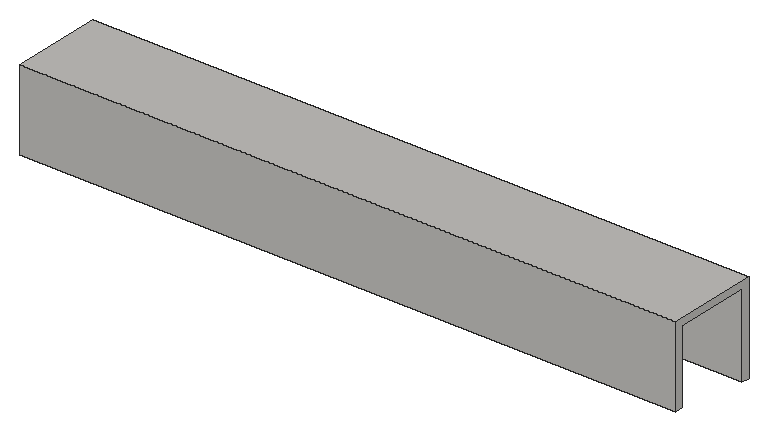
Revit family "Curb_Overlay_NobleCompany", category Specialty Equipment, host Face, Revit 2014
Parameters (values of type "1 Sided")
  Width [instance] = 32 1/2"
  URL = "www.noblecompany.com"
  Type Comments = ""
  Tile [instance] = Stainless Steel - Brushed
  Radius = 15 1/2"
  Product Properties = "http://www.noblecompany.com/Portals/0/PRODUCT%20INFO/Product%20Descriptions/FreeStyle%20Linear%20Drain%20Product%20Decription%200410.pdf"
  Product Data = "http://www.noblecompany.com/Products/ShowerProducts/tabid/59/Default.aspx"
  Model = "Preformed Overlay Curb"
  Manufacturer Phone - Toll Free = "800-878-5788"
  Manufacturer Phone = "231-799-8000"
  Manufacturer Fax = "231-799-8850"
  Manufacturer Email = "mailto:sales@noblecompany.com"
  Manufacturer Address = "7300 Enterprise Drive, Spring Lake, MI  49456 USA"
  Manufacturer = "Noble Company"
  Floor Offset_Outside [instance] = 1"
  Floor Offset_Inside [instance] = 1/2"
  Det2 = no
  Depth [instance] = 32 1/2"
  Installation-Fabrication = "http://www.noblecompany.com/Portals/0/PRODUCT%20INFO/Product%20Descriptions/FreeStyle%20Linear%20Drain%20Product%20Decription%200410.pdf"
  Height = 20"
  Description = "Noble Preformed Overlay Curb"
  Building Codes = "http://www.noblecompany.com/Portals/0/TECHNICAL%20INFO/Listing_Testing_Certification_Reports/PMG-1065%20Noble%20Company%20Linear%20Drain%20final%202.pdf"
  Base = Polymer coated Expanded Polystyrene
  Assembly Code = "D2030300"
  Default Elevation = 0"
  3 Sides = no
  2 Sides = no
  1 Side = yes
Types (3): name | Type Comments | Floor Offset_Outside | Floor Offset_Inside | Det2 | 3 Sides | 2 Sides | 1 Side
  1 Sided | "" | 1" | 1/2" | no | no | no | yes
  2 Sided | "" | 1/4" | 1/4" | yes | no | yes | no
  3 Sided | "Modify Sweep for Neo Angles and Custom Applications" | 1/2" | 1/4" | yes | yes | no | no
Reference planes (in)
  plane 1 "Center (Front/Back)": y = 0
  plane 2: z = 0
  plane 3 "Center (Left/Right)": x = 0
  plane 4: x = 32.5
  plane 5: y = 32.5
  plane 6: z = 20
Forms (in)
  Sweep 1, solid, material "Polymer coated Expanded Polystyrene" <- "Base", visible <- "1 Side"
    path origin (0, 0, 0) x (1, 0, 0) y (0, 1, 0)
      loop
        line (0, 0) -> (32.5, 0)
    profile "Profle_Curb_Overlay : Profle_Curb_Overlay" origin (16.25, 0, 0) x (0, 1, 0) y (0, 0, 1)
      loop
        line (0, 0.5) -> (0, 5) -> (-4.5, 5) -> (-4.5, 1) -> (-4.125, 1) -> (-4.125, 4.625) -> (-0.375, 4.625) -> (-0.375, 0.5) -> (0, 0.5)
  Sweep 2, solid, material "Polymer coated Expanded Polystyrene" <- "Base", visible <- "2 Sides"
    path origin (0, 0, 0) x (1, 0, 0) y (0, 1, 0)
      loop
        line (0, 0) -> (32.5, 0) -> (32.5, 32.5)
    profile "Profle_Curb_Overlay : Profle_Curb_Overlay" origin (16.25, 0, 0) x (0, 1, 0) y (0, 0, 1)
      loop
        line (0, 0.5) -> (0, 5) -> (-4.5, 5) -> (-4.5, 1) -> (-4.125, 1) -> (-4.125, 4.625) -> (-0.375, 4.625) -> (-0.375, 0.5) -> (0, 0.5)
  Sweep 3, solid, material "Polymer coated Expanded Polystyrene" <- "Base", visible <- "3 Sides"
    path origin (0, 0, 0) x (1, 0, 0) y (0, 1, 0)
      loop
        line (0, 0) -> (32.5, 0) -> (32.5, 32.5) -> (0, 32.5)
    profile "Profle_Curb_Overlay : Profle_Curb_Overlay" origin (16.25, 0, 0) x (0, 1, 0) y (0, 0, 1)
      loop
        line (0, 0.5) -> (0, 5) -> (-4.5, 5) -> (-4.5, 1) -> (-4.125, 1) -> (-4.125, 4.625) -> (-0.375, 4.625) -> (-0.375, 0.5) -> (0, 0.5)
Dimensions and locks (in)
  "Height": plane 6 to level
  "Width": plane 3 "Center (Left/Right)" to plane 4
  "Depth": plane 5 to plane 1 "Center (Front/Back)"
  aligned and locked: plane 2 to host face
  aligned and locked: level to host face
  aligned and locked: plane 1 "Center (Front/Back)" to Sweep 1 sketch curve
  aligned and locked: plane 3 "Center (Left/Right)" to Sweep 1 sketch curve
  aligned and locked: plane 4 to Sweep 1 sketch curve
  aligned and locked: plane 3 "Center (Left/Right)" to Sweep 2 sketch curve
  aligned and locked: plane 5 to Sweep 2 sketch curve
  aligned and locked: plane 4 to Sweep 2 sketch curve
  aligned and locked: plane 1 "Center (Front/Back)" to Sweep 2 sketch curve
  aligned and locked: plane 3 "Center (Left/Right)" to Sweep 3 sketch curve  (x2)
  aligned and locked: plane 1 "Center (Front/Back)" to Sweep 3 sketch curve
  aligned and locked: plane 4 to Sweep 3 sketch curve
  aligned and locked: plane 5 to Sweep 3 sketch curve
  aligned and locked: nested 1 to level
  aligned and locked: plane 4 to nested 1
  aligned and locked: plane 5 to nested 2
  aligned and locked: nested 2 to level
  aligned and locked: nested 3 to plane 1 "Center (Front/Back)"
  aligned and locked: level to nested 3
Automatic sketch dimensions
  host sketch curve to host sketch curve = 56 1/2"
  host sketch curve to host sketch curve = 49.54642"
Nested families (in)
  nested 1: "Detail_Curb_Overlay" at (32.5, 0, 0) x (1, 0, 0) z (0, -1, 0), visible <- "Det2", type "Detail_Curb_Overlay"
  nested 2: "Detail_Curb_Overlay" at (0, 32.5, 0) x (0, 1, 0) z (1, 0, 0), visible <- "3 Sides", type "Detail_Curb_Overlay"
  nested 3: "Detail_Curb_Overlay" at (0, 0, 0) x (0, -1, 0) z (1, 0, 0), type "Detail_Curb_Overlay"
Definition of nested family "Detail_Curb_Overlay"
  Parameters (values of type "Detail_Curb_Overlay")
    Floor Offset_Shower Side = 1/4"
    Floor Offset_Outside = 1/4"
  Reference planes (in)
    plane 1 "Center (Front/Back)": y = 0
    plane 2: z = 0
    plane 3 "Center (Left/Right)": x = 0
    plane 4: y = 0.25
    plane 5: y = 0.25
    plane 6: y = 5
    plane 7: y = 4.5
    plane 8: y = 4.625
  Lines and regions (in)
    Filled region 1, type "Concrete", in view "Ref. Level"
      outline origin (0.125, 0.375, 0) x (1, 0, 0) y (0, 1, 0)
        loop
          line (-0.125, 4.625) -> (-0.125, -0.125) -> (0.25, -0.125) -> (0.25, 4.25) -> (3.99992, 4.25) -> (3.99992, -0.125) -> (4.37492, -0.125) -> (4.37492, 4.625) -> (-0.125, 4.625)
    Filled region 2, type "Solid", in view "Ref. Level"
      outline origin (0, 0, 0) x (1, 0, 0) y (0, 1, 0)
        loop
          line (0.5, 0) -> (0.5, 4.5) -> (4, 4.5) -> (4, 0) -> (6, 0) -> (6, 0.0625) -> (4.0625, 0.0625) -> (4.0625, 4.5625) -> (0.4375, 4.5625) -> (0.4375, 0.0625) -> (-1.49439, 0.0625) -> (-1.49439, 0) -> (0.5, 0)
    detail lines, in view "Ref. Level"
      curve 1: line (0, 0.25, 0) -> (0, 5, 0)
      curve 2: line (0, 5, 0) -> (4.49992, 5, 0)
      curve 3: line (4.49992, 5, 0) -> (4.49992, 0.25, 0)
      curve 4: line (4.49992, 0.25, 0) -> (4.12492, 0.25, 0)
      curve 5: line (4.12492, 0.25, 0) -> (4.12492, 4.5, 0)
      curve 6: line (4.12492, 4.625, 0) -> (0.5, 4.625, 0)
      curve 7: line (0.375, 4.5, 0) -> (0.375, 0.25, 0)
      curve 8: line (0.375, 0.25, 0) -> (0, 0.25, 0)
      curve 9: line (0.5, 3, 0) -> (4, 3, 0)
      curve 10: line (0.5, 1.5, 0) -> (4, 1.5, 0)
      curve 11: line (0.5, 0, 0) -> (4, 0, 0)
      curve 12: line (0.5, 4.5, 0) -> (4, 3, 0)
      curve 13: line (4, 3, 0) -> (0.5, 1.5, 0)
      curve 14: line (0.5, 1.5, 0) -> (4, 0, 0)
      curve 15: line (4, 1.5, 0) -> (0.5, 0, 0)
      curve 16: line (4, 1.5, 0) -> (0.5, 3, 0)
      curve 17: line (0.5, 3, 0) -> (4, 4.5, 0)
      curve 18: line (0.5, 0, 0) -> (0.5, 4.5, 0)
      curve 19: line (4, 0, 0) -> (4, 4.5, 0)
      curve 20: line (0.5, 4.5, 0) -> (4, 4.5, 0)
      curve 21: arc (0.5, 4.375, 0) -> (0.375, 4.25, 0) -> (0.5, 4.125, 0) r 0.125
      curve 22: arc (0.5, 3.875, 0) -> (0.375, 3.75, 0) -> (0.5, 3.625, 0) r 0.125
      curve 23: arc (0.5, 3.375, 0) -> (0.375, 3.25, 0) -> (0.5, 3.125, 0) r 0.125
      curve 24: arc (0.5, 2.875, 0) -> (0.375, 2.75, 0) -> (0.5, 2.625, 0) r 0.125
      curve 25: arc (0.5, 2.375, 0) -> (0.375, 2.25, 0) -> (0.5, 2.125, 0) r 0.125
      curve 26: arc (0.5, 1.875, 0) -> (0.375, 1.75, 0) -> (0.5, 1.625, 0) r 0.125
      curve 27: arc (0.5, 1.375, 0) -> (0.375, 1.25, 0) -> (0.5, 1.125, 0) r 0.125
      curve 28: arc (0.5, 0.25349, 0) -> (0.375, 0.12849, 0) -> (0.5, 0.00349, 0) r 0.125
      curve 29: arc (0.5, 0.03781, 0) -> (0.375, -0.08719, 0) -> (0.5, -0.21219, 0) r 0.125
      curve 30: arc (4, 4.375, 0) -> (4.125, 4.25, 0) -> (4, 4.125, 0) r 0.125
      curve 31: arc (4, 3.875, 0) -> (4.125, 3.75, 0) -> (4, 3.625, 0) r 0.125
      curve 32: arc (4, 3.375, 0) -> (4.125, 3.25, 0) -> (4, 3.125, 0) r 0.125
      curve 33: arc (4, 2.875, 0) -> (4.125, 2.75, 0) -> (4, 2.625, 0) r 0.125
      curve 34: arc (4, 2.375, 0) -> (4.125, 2.25, 0) -> (4, 2.125, 0) r 0.125
      curve 35: arc (4, 1.875, 0) -> (4.125, 1.75, 0) -> (4, 1.625, 0) r 0.125
      curve 36: arc (4, 0.75349, 0) -> (4.125, 0.62849, 0) -> (4, 0.50349, 0) r 0.125
      curve 37: arc (4, 0.25349, 0) -> (4.125, 0.12849, 0) -> (4, 0.00349, 0) r 0.125
      curve 38: arc (4, 0.375, 0) -> (4.125, 0.25, 0) -> (4, 0.125, 0) r 0.125
      curve 39: arc (0.875, 4.5, 0) -> (0.75, 4.625, 0) -> (0.625, 4.5, 0) r 0.125
      curve 40: arc (1.375, 4.5, 0) -> (1.25, 4.625, 0) -> (1.125, 4.5, 0) r 0.125
      curve 41: arc (1.875, 4.5, 0) -> (1.75, 4.625, 0) -> (1.625, 4.5, 0) r 0.125
      curve 42: arc (2.375, 4.5, 0) -> (2.25, 4.625, 0) -> (2.125, 4.5, 0) r 0.125
      curve 43: arc (2.875, 4.5, 0) -> (2.75, 4.625, 0) -> (2.625, 4.5, 0) r 0.125
      curve 44: arc (3.375, 4.5, 0) -> (3.25, 4.625, 0) -> (3.125, 4.5, 0) r 0.125
      curve 45: arc (3.875, 4.5, 0) -> (3.75, 4.625, 0) -> (3.625, 4.5, 0) r 0.125
  Dimensions and locks (in)
    "Floor Offset_Shower Side": plane 1 "Center (Front/Back)" to plane 4
    "Floor Offset_Outside": plane 1 "Center (Front/Back)" to plane 5
    locked: plane 6 to plane 8 at 0.375
    locked: plane 1 "Center (Front/Back)" to plane 6 at 5
    locked: plane 8 to plane 7 at 0.125
    equal spacing: plane 7, curve 9, curve 10, plane 1 "Center (Front/Back)"
    aligned and locked: Filled region 1 sketch curve to curve 2
    aligned and locked: Filled region 1 sketch curve to curve 3
    aligned and locked: Filled region 1 sketch curve to curve 4
    aligned and locked: Filled region 1 sketch curve to curve 5
    aligned and locked: Filled region 1 sketch curve to curve 6
    aligned and locked: Filled region 1 sketch curve to curve 7
    aligned and locked: curve 8 to Filled region 1 sketch curve
    aligned and locked: Filled region 1 sketch curve to curve 1
    aligned and locked: plane 4 to curve 4
    aligned and locked: plane 5 to curve 8
    aligned and locked: curve 2 to plane 6
    aligned and locked: plane 8 to curve 6
    aligned and locked: curve 20 to plane 7
    aligned and locked: Filled region 2 to plane 7
  Automatic sketch dimensions
    plane 1 "Center (Front/Back)" to Filled region 2 sketch curve = 0"  (x2)
    Filled region 2 sketch curve to plane 1 "Center (Front/Back)" = 1/16"  (x2)
    Filled region 2 sketch curve to plane 3 "Center (Left/Right)" = 1.49439"
    plane 3 "Center (Left/Right)" to Filled region 2 sketch curve = 7/16"
    Filled region 2 sketch curve to Filled region 2 sketch curve = 1/16"  (x3)
    Filled region 2 sketch curve to Filled region 2 sketch curve = 3 1/2"
    Filled region 2 sketch curve to Filled region 2 sketch curve = 1 15/16"
    plane 4 to Filled region 2 sketch curve = 4 1/4"
    curve 1 to plane 3 "Center (Left/Right)" = 0"
    curve 7 to plane 7 = 0"
    plane 1 "Center (Front/Back)" to curve 11 = 0"
    plane 5 to curve 38 = 0"
    curve 5 to plane 7 = 0"
    plane 3 "Center (Left/Right)" to curve 8 = 3/8"
    plane 1 "Center (Front/Back)" to curve 29 = 0.08719"
    curve 7 to curve 29 = 1/8"
    curve 12 to curve 39 = 1/4"
    curve 39 to curve 40 = 1/2"
    curve 40 to curve 41 = 1/2"
    curve 41 to curve 42 = 1/2"
    curve 42 to curve 43 = 1/2"
    curve 43 to curve 44 = 1/2"
    curve 44 to curve 45 = 1/2"
    curve 45 to curve 31 = 1/4"
    curve 37 to curve 5 = 0.12492"
    curve 4 to curve 3 = 3/8"
    curve 28 to plane 4 = 0.12151"
    curve 37 to plane 4 = 0.12151"
    plane 4 to curve 36 = 0.37849"
    curve 27 to curve 13 = 1/4"
    curve 10 to curve 26 = 1/4"
    curve 10 to curve 35 = 1/4"
    curve 26 to curve 25 = 1/2"
    curve 25 to curve 24 = 1/2"
    curve 33 to curve 12 = 1/4"
    curve 9 to curve 23 = 1/4"
    curve 9 to curve 32 = 1/4"
    curve 23 to curve 22 = 1/2"
    curve 32 to curve 31 = 1/2"
    curve 30 to curve 17 = 1/4"
    curve 21 to curve 12 = 1/4"
    curve 6 to curve 12 = 0"
    curve 39 to curve 39 = 1/8"
    curve 40 to curve 40 = 1/8"
    curve 41 to curve 41 = 1/8"
    curve 42 to curve 42 = 1/8"
    curve 43 to curve 43 = 1/8"
    curve 44 to curve 44 = 1/8"
    curve 45 to curve 45 = 1/8"
    curve 6 to curve 5 = 0"
    curve 29 to curve 29 = 1/8"
    curve 38 to curve 38 = 1/8"
    curve 28 to curve 28 = 1/8"
    curve 37 to curve 37 = 1/8"
    curve 27 to curve 27 = 1/8"
    curve 36 to curve 36 = 1/8"
    curve 35 to curve 35 = 1/8"
    curve 26 to curve 26 = 1/8"
    curve 25 to curve 25 = 1/8"
    curve 34 to curve 34 = 1/8"
    curve 24 to curve 24 = 1/8"
    curve 33 to curve 33 = 1/8"
    curve 32 to curve 32 = 1/8"
    curve 23 to curve 23 = 1/8"
    curve 22 to curve 22 = 1/8"
    curve 31 to curve 31 = 1/8"
    curve 21 to curve 21 = 1/8"
    curve 30 to curve 30 = 1/8"
    curve 34 to curve 33 = 3/8"
